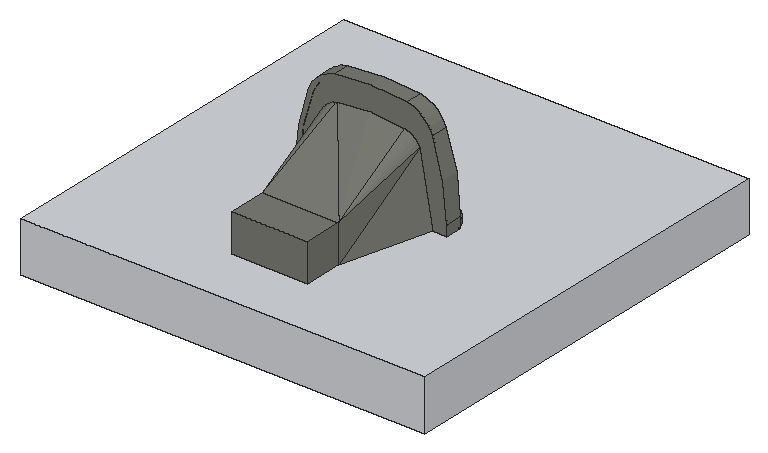
Revit family
Parameters (values of type "3633-2")
  Waste Connection = yes
  Vent Connection = no
  URL = "http://www.acorneng.com"
  Type Comments = ""
  ST- Single Temperature Valve = no
  SO-BAT- Sensor Operation (Battery Operated) = no
  SO- Sensor Operated = no
  PDM- Metering Liquid Soap Dispenser = no
  PBE- Pushbutton Electronic Metering = no
  OCC- Optional Corterra Colors: Specify = no
  Model = "3633-2"
  Manufacturer = "Acorn Engineering"
  JH32- 32" Junior Rim Height = no
  JH30- 30" Junior Rim Height = no
  JH26- 26" Junior Rim Height = no
  HW Connection = yes
  H- Hand Operation = no
  Designed By = "ATS BIM TEAM"
  Description = "Corterra Tri-Lav- 3 Stations- ADA Compliant"
  Default Elevation = 2' - 10"
  CW Connection = yes
  2- On Floor, Wall Outlet = yes
  1- Off- Floor, Wall Outlet = no
Reference planes (in)
  plane 1 "Center (Front/Back)": y = 0
  plane 2: z = 0
  plane 3 "Center (Left/Right)": x = 0
  plane 4: y = -34
  plane 5: z = 25.99987
  plane 6: z = 12
  plane 7: y = 6.5
  plane 8: y = -11.75
Forms (in)
  Extrusion 1, solid
    sketch origin (0, 0, 0) x (1, 0, 0) y (0, 1, 0)
      loop
        line (-48, 48) -> (-48, -48) -> (48, -48) -> (48, 48) -> (-48, 48)
    from 0 to -12
  Blend 2, solid, material "Smoky Granite Gray"
    base sketch origin (102.00216, -25, 83.72731) x (1, 0, 0) y (0, 0, -1)
      loop
        line (-101.89559, 83.72731) -> (-110.89559, 83.72731) -> (-110.89559, 74.72731) -> (-92.89559, 74.72731) -> (-92.89559, 83.72731) -> (-101.89559, 83.72731)
    top sketch origin (102.00216, -25, 83.72731) x (1, 0, 0) y (0, 0, -1)
      loop
        line (-116.63502, 83.72731) -> (-113.5586, 67.20042)
        arc (-113.5586, 67.20042) -> (-112.19656, 65.29512) -> (-110.07759, 64.29747) r 4.64128
        arc (-110.07759, 64.29747) -> (-101.98431, 63.52127) -> (-93.89103, 64.29747) r 42.58139
        arc (-93.89103, 64.29747) -> (-91.78997, 65.29878) -> (-90.43941, 67.19433) r 4.64017
        line (-90.43941, 67.19433) -> (-87.36065, 83.72731) -> (-116.63502, 83.72731)
    from 0 to 21
  Extrusion 3, solid, material "Smoky Granite Gray"
    sketch origin (102.00216, -4, 86.22731) x (1, 0, 0) y (0, 0, -1)
      loop
        line (-119.99784, 86.22731) -> (-119.99784, 83.85889)
        arc (-119.99784, 83.85889) -> (-119.16631, 74.77808) -> (-116.6994, 65.99932) r 50
        arc (-116.6994, 65.99932) -> (-114.31598, 62.68403) -> (-110.60695, 60.97674) r 8
        arc (-110.60695, 60.97674) -> (-102.00216, 60.22743) -> (-93.3968, 60.97021) r 50
        arc (-93.3968, 60.97021) -> (-89.68456, 62.67626) -> (-87.29877, 65.99279) r 8
        arc (-87.29877, 65.99279) -> (-84.83, 74.77465) -> (-83.99784, 83.85889) r 50
        line (-83.99784, 83.85889) -> (-83.99784, 86.22731) -> (-119.99784, 86.22731)
    from 0 to 4
  Extrusion 4, void
    sketch origin (102.00216, -25, 86.22731) x (1, 0, 0) y (0, 0, -1)
      loop
        line (-86.06442, 83.72731) -> (-117.93125, 83.72731)
        arc (-117.93125, 83.72731) -> (-118.63855, 83.43434) -> (-118.93152, 82.72704) r 1.00027
        arc (-118.93152, 82.72704) -> (-118.02459, 74.41341) -> (-115.71565, 66.37552) r 48.94677
        arc (-115.71565, 66.37552) -> (-113.64602, 63.4967) -> (-110.42529, 62.01418) r 6.94677
        arc (-110.42529, 62.01418) -> (-102.00176, 61.28066) -> (-93.57767, 62.00779) r 48.94677
        arc (-93.57767, 62.00779) -> (-90.35416, 63.48923) -> (-88.28247, 66.36913) r 6.94677
        arc (-88.28247, 66.36913) -> (-85.97174, 74.41006) -> (-85.06415, 82.72704) r 48.94677
        arc (-85.06415, 82.72704) -> (-85.35712, 83.43434) -> (-86.06442, 83.72731) r 1.00027
    from 21.2061 to 26
  Extrusion 5, solid, material "Smoky Granite Gray"
    sketch origin (-8.93321, -25, 83.72731) x (0, 0, -1) y (0, 1, 0)
      loop
        line (83.72731, 0) -> (74.72731, 0) -> (74.72731, -9) -> (83.72731, -9) -> (83.72731, 0)
    from 0 to 18
  Extrusion 6, solid, material "Smoky Granite Gray"
    sketch origin (102.00216, -37.24706, -0.0049) x (1, 0, 0) y (0, 1, 0)
      loop
        line (-118.98893, 33.45315) -> (-85.01539, 33.45315)
        arc (-85.01539, 33.45315) -> (-84.71101, 33.55647) -> (-84.53242, 33.82374) r 0.5
        line (-84.53242, 33.82374) -> (-84.11716, 35.37354)
        arc (-84.11716, 35.37354) -> (-84.00345, 36.15367) -> (-84.07383, 36.9389) r 3.375
        arc (-84.07383, 36.9389) -> (-85.5171, 39.68939) -> (-87.95813, 41.61023) r 7.43527
        arc (-87.95813, 41.61023) -> (-91.0427, 42.88337) -> (-94.26598, 43.74706) r 25.75726
        line (-94.26598, 43.74706) -> (-109.73962, 43.74706)
        arc (-109.73962, 43.74706) -> (-112.9629, 42.88337) -> (-116.04747, 41.61023) r 25.75726
        arc (-116.04747, 41.61023) -> (-118.48229, 39.69685) -> (-119.92652, 36.95758) r 7.43527
        arc (-119.92652, 36.95758) -> (-120.00111, 36.16322) -> (-119.88716, 35.37354) r 3.375
        line (-119.88716, 35.37354) -> (-119.47189, 33.82374)
        arc (-119.47189, 33.82374) -> (-119.29331, 33.55647) -> (-118.98893, 33.45315) r 0.5
    from 0 to 1.0049
  Extrusion 7, solid, material "Smoky Granite Gray"
    sketch origin (102.00216, 2.9963, 84.72731) x (1, 0, 0) y (0, 0, -1)
      loop
        arc (-107.99652, 83.72731) -> (-107.64296, 83.58086) -> (-107.49652, 83.22731) r 0.5
        line (-107.49652, 83.22731) -> (-107.49652, 79.94803)
        arc (-107.49652, 79.94803) -> (-107.24244, 77.17334) -> (-106.48866, 74.49094) r 15.27778
        arc (-106.48866, 74.49094) -> (-105.76039, 73.47793) -> (-104.62708, 72.95626) r 2.44444
        arc (-104.62708, 72.95626) -> (-101.99784, 72.72731) -> (-99.36842, 72.95427) r 15.27778
        arc (-99.36842, 72.95427) -> (-98.23413, 73.47556) -> (-97.50514, 74.48894) r 2.44444
        arc (-97.50514, 74.48894) -> (-96.75079, 77.17229) -> (-96.49652, 79.94803) r 15.27778
        line (-96.49652, 79.94803) -> (-96.49652, 83.22731)
        arc (-96.49652, 83.22731) -> (-96.35007, 83.58086) -> (-95.99652, 83.72731) r 0.5
        line (-95.99652, 83.72731) -> (-107.99652, 83.72731)
    from 0 to 3.5037
  Extrusion 8, solid, material "Smoky Granite Gray"
    sketch origin (102.00216, -25, 86.22731) x (1, 0, 0) y (0, 0, -1)
      loop
        line (-104.49652, 86.22731) -> (-104.49652, 81.44803)
        arc (-104.49652, 81.44803) -> (-104.44072, 80.27883) -> (-104.27383, 79.12026) r 12.27778
        arc (-104.27383, 79.12026) -> (-103.97612, 78.5805) -> (-103.41845, 78.31788) r 1
        arc (-103.41845, 78.31788) -> (-101.99712, 78.22731) -> (-100.5757, 78.3166) r 11.27778
        arc (-100.5757, 78.3166) -> (-100.01751, 78.579) -> (-99.71944, 79.11899) r 1
        arc (-99.71944, 79.11899) -> (-99.55238, 80.27819) -> (-99.49652, 81.44803) r 12.27778
        line (-99.49652, 81.44803) -> (-99.49652, 86.22731) -> (-104.49652, 86.22731)
    from 25 to 27.9963
  Extrusion 9, solid
    sketch origin (0, 0, 0) x (1, 0, 0) y (0, 0, 1)
      loop
        circle (0, 12) r 0.75
    from 4 to 11.75
Cuts and joins
  Extrusion 4 cuts Blend 2
  Extrusion 4 cuts Extrusion 3
  joined: Blend 2, Extrusion 3, Extrusion 5
  joined: Extrusion 6, Extrusion 7, Extrusion 8
Dimensions and locks (in)
  plane 1 "Center (Front/Back)" to plane 4 = 2' - 10"
  Extrusion 1 to plane 5 = 2' - 1.99987"
  cut or joined group of Blend 2, Extrusion 3, Extrusion 4, Extrusion 5 to cut or joined group of Blend 2, Extrusion 3, Extrusion 4, Extrusion 5 = 3' - 0"
  Extrusion 1 to plane 6 = 1' - 0"
  cut or joined group of Blend 2, Extrusion 3, Extrusion 4, Extrusion 5 to cut or joined group of Blend 2, Extrusion 3, Extrusion 4, Extrusion 5 = 0' - 9"
  cut or joined group of Blend 2, Extrusion 3, Extrusion 4, Extrusion 5 to Extrusion 1 = 0' - 9"
  cut or joined group of Blend 2, Extrusion 3, Extrusion 4, Extrusion 5 to cut or joined group of Blend 2, Extrusion 3, Extrusion 4, Extrusion 5 = 2' - 6"
  cut or joined group of Blend 2, Extrusion 3, Extrusion 4, Extrusion 5 to cut or joined group of Blend 2, Extrusion 3, Extrusion 4, Extrusion 5 = 2' - 10"
  cut or joined group of Extrusion 6, Extrusion 7, Extrusion 8 to cut or joined group of Blend 2, Extrusion 3, Extrusion 4, Extrusion 5 = 3' - 4 1/2"
  cut or joined group of Blend 2, Extrusion 3, Extrusion 4, Extrusion 5 to cut or joined group of Blend 2, Extrusion 3, Extrusion 4, Extrusion 5 = 1' - 6"
  plane 4 to plane 7 = 3' - 4 1/2"
  locked: plane 8 to plane 1 "Center (Front/Back)" at 11.75
  aligned and locked: plane 2 to Extrusion 1
  aligned and locked: level to Extrusion 1
  aligned and locked: plane 8 to Extrusion 9
  aligned and locked: Extrusion 9 to cut or joined group of Blend 2, Extrusion 3, Extrusion 4, Extrusion 5
Connectors (in)
  piping at (0, -11.75, 12)
    settings: on Extrusion 9, index 1
